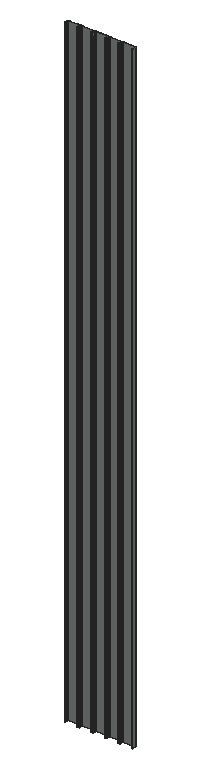
Revit family "Click 120", category Mechanical Equipment, Revit 2017
Family settings
  Round Connector Dimension = Use Diameter
  Part Type = Normal
  Work Plane-Based = No
  Always vertical = Yes
  Cut with Voids When Loaded = No
  Shared = No
  Room Calculation Point = No
Parameters (values of type "gloss")
  URL = "https://gtoaluminum.com/product/click-60/"
  Single = Panel Number = 1  # no
  Panel Number = 5
  Distance between beam = 5 mm
  Array Number = if(Panel Number = 1, 2, Panel Number)  # 5
  Model = "Click 60"
  Manufacturer = "gtoaluminum"
  Height = 3000 mm
  Finish = Gloss
  Dimensions = "2.36”W x 0.70”H x 19’L | 0.047” thickness"
  Description = "This profile is ideal for both interior and exterior cladding. It is slightly wider than the Click 40, making it suitable for covering more substantial surfaces. It can cover cracks, peelings, and marks on walls without the need for wall treatment. It can be used for pergolas, fences, doors, ceilings, and both interior and exterior walls. It comes in different shades of wood and other colors or can be painted in a custom color. The installation is effortless, and the finishing looks seamless without any noticeable screws or marks."
  Bottom Offset = 50 mm
  Array = not(Single)  # yes
Types (8, lengths in mm): name | Panel Number | Distance between beam | Array Number | Height | Finish
  (no name) | 5 | 5 | 5 | 3000 | Gloss
  Espresso | 5 | 0 | 5 | 3000 | Espresso
  Oak | 5 | 5 | 5 | 3000 | Wood (Oak)
  Pine | 10 | 0 | 10 | 1000 | Pine, Scots
  Gray | 5 | 5 | 5 | 3000 | Gray
  Charcol | 15 | 5 | 15 | 1500 | Charcol
  Matte | 5 | 5 | 5 | 3000 | Matte
  gloss | 5 | 5 | 5 | 3000 | Gloss
Reference planes
  plane 1 "Center (Front/Back)": y = 0
  plane 2: z = 0
  plane 3 "Center (Left/Right)": x = 0
  plane 4: x = 60
  plane 5: x = 65
Dimensions and locks
  equal spacing: group 1, group 2, group 3, group 4, group 5  (x3)
  locked: plane 3 "Center (Left/Right)" to plane 4 at 60
  "Distance between beam": plane 4 to plane 5
  aligned and locked: level to plane 2
  aligned and locked: plane 3 "Center (Left/Right)" to nested 1
  aligned and locked: plane 3 "Center (Left/Right)" to nested 3
  aligned and locked: plane 5 to nested 2
Nested families
  nested 1: "profile" at (0, 0, 0), visible <- "Array", type "profile"
  nested 2: "profile" at (65, 0, 0), visible <- "Array", type "profile"
  nested 3: "profile" at (0, 0, 0), visible <- "Single", type "profile"
  nested 4: "profile" at (130, 0, 0), visible <- "Array", type "profile"
  nested 5: "profile" at (195, 0, 0), visible <- "Array", type "profile"
  nested 6: "profile" at (260, 0, 0), visible <- "Array", type "profile"
Definition of nested family "profile"
  Parameters (values of type "profile")
    Height = 3000 mm
    Finish = none
    Bottom Offset = 50 mm
  Reference planes
    plane 1 "Center (Front/Back)": y = 0
    plane 2: z = 0
    plane 3 "Center (Left/Right)": x = 0
    plane 4: z = 3000
    plane 5: z = 50
    plane 6: x = 68.857
  Forms (mm)
    Extrusion 1, solid, material <- "Finish"
      sketch origin (-100, 1.4, 0) x (1, 0, 0) y (0, 1, 0)
        loop
          arc (160, 16.1) -> (159.854, 16.454) -> (159.5, 16.6) r 0.5
          line (159.5, 16.6) -> (100.5, 16.6)
          arc (100.5, 16.6) -> (100.146, 16.454) -> (100, 16.1) r 0.5
          line (100, 16.1) -> (100, -0.9)
          arc (100, -0.9) -> (100.146, -1.254) -> (100.5, -1.4) r 0.5
          line (100.5, -1.4) -> (103.344, -1.4)
          arc (103.344, -1.4) -> (103.944, -0.8) -> (103.344, -0.2) r 0.6
          line (103.344, -0.2) -> (101.7, -0.2)
          arc (101.7, -0.2) -> (101.346, -0.054) -> (101.2, 0.3) r 0.5
          line (101.2, 0.3) -> (101.2, 2.243)
          arc (101.2, 2.243) -> (101.5, 2.75) -> (101.2, 3.257) r 0.579
          line (101.2, 3.257) -> (101.2, 4.243)
          arc (101.2, 4.243) -> (101.5, 4.75) -> (101.2, 5.257) r 0.579
          line (101.2, 5.257) -> (101.2, 6.243)
          arc (101.2, 6.243) -> (101.5, 6.75) -> (101.2, 7.257) r 0.579
          line (101.2, 7.257) -> (101.2, 8.243)
          arc (101.2, 8.243) -> (101.5, 8.75) -> (101.2, 9.257) r 0.579
          line (101.2, 9.257) -> (101.2, 11.9)
          arc (101.2, 11.9) -> (101.346, 12.254) -> (101.7, 12.4) r 0.5
          line (101.7, 12.4) -> (103.092, 12.4)
          arc (103.092, 12.4) -> (103.692, 13) -> (103.092, 13.6) r 0.6
          line (103.092, 13.6) -> (101.7, 13.6)
          arc (101.7, 13.6) -> (101.346, 13.746) -> (101.2, 14.1) r 0.5
          line (101.2, 14.1) -> (101.2, 14.9)
          arc (101.2, 14.9) -> (101.346, 15.254) -> (101.7, 15.4) r 0.5
          line (101.7, 15.4) -> (158.3, 15.4)
          arc (158.3, 15.4) -> (158.654, 15.254) -> (158.8, 14.9) r 0.5
          line (158.8, 14.9) -> (158.8, 14.1)
          arc (158.8, 14.1) -> (158.654, 13.746) -> (158.3, 13.6) r 0.5
          line (158.3, 13.6) -> (156.904, 13.6)
          arc (156.904, 13.6) -> (156.304, 13) -> (156.904, 12.4) r 0.6
          line (156.904, 12.4) -> (158.3, 12.4)
          arc (158.3, 12.4) -> (158.654, 12.254) -> (158.8, 11.9) r 0.5
          line (158.8, 11.9) -> (158.8, 0.3)
          arc (158.8, 0.3) -> (158.654, -0.054) -> (158.3, -0.2) r 0.5
          line (158.3, -0.2) -> (156.656, -0.2)
          arc (156.656, -0.2) -> (156.056, -0.8) -> (156.656, -1.4) r 0.6
          line (156.656, -1.4) -> (159.5, -1.4)
          arc (159.5, -1.4) -> (159.854, -1.254) -> (160, -0.9) r 0.5
          line (160, -0.9) -> (160, 16.1)
      from 50 to 3000
  Dimensions and locks
    "Height": plane 4 to plane 2
    "Bottom Offset": plane 5 to level
    aligned and locked: level to plane 2
    aligned and locked: Extrusion 1 to plane 4
    aligned and locked: plane 5 to Extrusion 1
  Automatic sketch dimensions
    plane 6 to Extrusion 1 sketch curve = 68.857 mm
    Extrusion 1 sketch curve to Extrusion 1 sketch curve = 0.5 mm  (x9)
    plane 6 to Extrusion 1 sketch curve = 67.936 mm  (x2)
    Extrusion 1 sketch curve to Extrusion 1 sketch curve = 0 mm  (x4)
    plane 6 to Extrusion 1 sketch curve = 67.657 mm
    Extrusion 1 sketch curve to Extrusion 1 sketch curve = 0.279 mm  (x4)
    Extrusion 1 sketch curve to Extrusion 1 sketch curve = 0.7 mm  (x2)
    plane 6 to Extrusion 1 sketch curve = 65.765 mm
    plane 6 to Extrusion 1 sketch curve = 65.513 mm
    Extrusion 1 sketch curve to plane 1 "Center (Front/Back)" = 1.2 mm
    Extrusion 1 sketch curve to Extrusion 1 sketch curve = 53.311 mm
    Extrusion 1 sketch curve to Extrusion 1 sketch curve = 0.248 mm
    Extrusion 1 sketch curve to Extrusion 1 sketch curve = 1.396 mm
    Extrusion 1 sketch curve to Extrusion 1 sketch curve = 1.644 mm
    Extrusion 1 sketch curve to Extrusion 1 sketch curve = 1.2 mm  (x2)
    Extrusion 1 sketch curve to Extrusion 1 sketch curve = 0.6 mm  (x3)
    Extrusion 1 sketch curve to plane 1 "Center (Front/Back)" = 0.6 mm
    Extrusion 1 sketch curve to Extrusion 1 sketch curve = 0.1 mm
    Extrusion 1 sketch curve to Extrusion 1 sketch curve = 1.943 mm
    Extrusion 1 sketch curve to Extrusion 1 sketch curve = 0.507 mm  (x4)
    Extrusion 1 sketch curve to Extrusion 1 sketch curve = 0.986 mm  (x3)
    Extrusion 1 sketch curve to Extrusion 1 sketch curve = 2.643 mm
    Extrusion 1 sketch curve to Extrusion 1 sketch curve = 11.6 mm
    Extrusion 1 sketch curve to Extrusion 1 sketch curve = 0.8 mm
